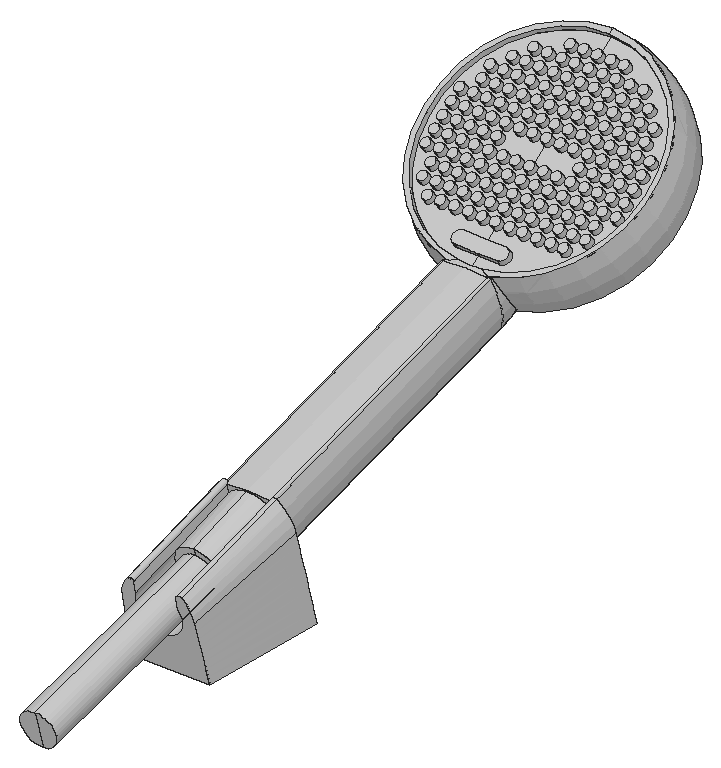
Revit family "Sanitary_Showers_hansgrohe_28054XXX-Activera-Select-S-Shower-holder-set-95_2jet_EcoSmart_shower-hose-160", category Plumbing Fixtures, host Face, Revit 2022
Family settings
  Host = Face
  Round Connector Dimension = Use Diameter
  Part Type = Normal
  OmniClass Number = 23.31.17.00
  OmniClass Title = Showers
  Cut with Voids When Loaded = Yes
  Maintain Annotation Orientation = No
  Shared = No
  Room Calculation Point = No
Parameters (values of type "000 Chrome")
  Version = 1  # constant formula
  URL = "https://www.hansgrohe.com/"
  Product data url = "https://www.bimobject.com/en/hansgrohe/product/28054XXX"
  Product Page URL = "https://www.hansgrohe.com/articledetail--28054000"
  Model = "28054XXX"  # constant formula
  Material 1 = Hansgrohe - Metal - 000 Chrome
  Manufacturer = "Hansgrohe"  # constant formula
  Description = "Activera Select S Shower holder set 95 2jet EcoSmart with shower hose 160 cm"  # constant formula
  Default Elevation = 0 mm
  Date Updated = ""
  Date Created = "2025/02/21"  # constant formula
Types (3, lengths in mm): name | Material 1
  (no name) | Hansgrohe - Metal - 000 Chrome
  000 Chrome | Hansgrohe - Metal - 000 Chrome
  670 Matt Black | Hansgrohe - Metal - 670 Matte Black
Reference planes
  plane 1 "Center (Front/Back)": y = 0
  plane 2: z = 0
  plane 3 "Center (Left/Right)": x = 0
Forms (mm)
  Blend 1, solid, material "Hansgrohe - Metal - 000 Chrome" <- "Material 1", detail levels fine
    base sketch origin (0, -29.849, 13.242) x (0, 0.241922, -0.970296) y (-1, 0, 0)
      loop
        line (13.647, -16.253) -> (13.647, 16.253) -> (-12.368, 15.194)
        arc (-12.368, 15.194) -> (-17.383, 14.085) -> (-21.703, 11.307) r 14.587
        arc (-21.703, 11.307) -> (-22.063, 9.727) -> (-20.724, 8.814) r 1.439
        line (-20.724, 8.814) -> (-15.955, 8.814)
        arc (-15.955, 8.814) -> (-1.871, 0) -> (-15.955, -8.814) r 9.8
        line (-15.955, -8.814) -> (-20.724, -8.814)
        arc (-20.724, -8.814) -> (-22.063, -9.727) -> (-21.703, -11.307) r 1.439
        arc (-21.703, -11.307) -> (-17.383, -14.085) -> (-12.368, -15.194) r 14.587
        line (-12.368, -15.194) -> (13.647, -16.253)
    top sketch origin (0, -29.849, 13.242) x (0, 0.241922, -0.970296) y (-1, 0, 0)
      loop
        line (-23.359, 9.044) -> (-18.503, 9.044)
        arc (-18.503, 9.044) -> (-4.93, 0) -> (-18.503, -9.044) r 9.8
        line (-18.503, -9.044) -> (-23.359, -9.044)
        arc (-23.359, -9.044) -> (-24.645, -9.891) -> (-24.376, -11.406) r 1.4
        arc (-24.376, -11.406) -> (-18.695, -15.44) -> (-11.904, -16.995) r 17.878
        line (-11.904, -16.995) -> (26.59, -18.113) -> (26.59, 18.113) -> (-11.904, 16.995)
        arc (-11.904, 16.995) -> (-18.695, 15.44) -> (-24.376, 11.406) r 17.878
        arc (-24.376, 11.406) -> (-24.645, 9.891) -> (-23.359, 9.044) r 1.4
    from 0 to 51.91
  Revolve 2, solid, material "Hansgrohe - Metal - 000 Chrome" <- "Material 1", detail levels fine
    sketch origin (0, 0, 0) x (0, 1, 0) y (0, 0, 1)
      loop
        line (-95.68, 7.934) -> (16.753, 38.061) -> (13.743, 49.296) -> (-14.828, 40.013) -> (-14.178, 37.589) -> (-97.634, 15.227) -> (-95.68, 7.934)
      axis (16.753, 38.061) -> (-95.68, 7.934)
    angle from 0 to 360
  Sweep 3, solid, material "Hansgrohe - Metal - 000 Chrome" <- "Material 1", detail levels fine
    path origin (0, 0, 0) x (0, 1, 0) y (0, 0, 1)
      loop
        line (16.771, 37.994) -> (130.749, 71.54)
        arc (130.749, 71.54) -> (134.829, 73.141) -> (138.567, 75.431) r 25
    profile origin (0, 16.771, 37.994) x (0, -0.282341, 0.959314) y (1, 0, 0)
      loop
        arc (10.586, -10.12) -> (11.012, -9.82) -> (11.229, -9.347) r 1
        arc (11.229, -9.347) -> (12.014, 0) -> (11.229, 9.347) r 56.037
        arc (11.229, 9.347) -> (11.012, 9.82) -> (10.586, 10.12) r 1
        arc (10.586, 10.12) -> (0, 11.994) -> (-10.586, 10.12) r 30.835
        arc (-10.586, 10.12) -> (-11.012, 9.82) -> (-11.229, 9.347) r 1
        arc (-11.229, 9.347) -> (-12.014, 0) -> (-11.229, -9.347) r 56.037
        arc (-11.229, -9.347) -> (-11.012, -9.82) -> (-10.586, -10.12) r 1
        arc (-10.586, -10.12) -> (0, -11.994) -> (10.586, -10.12) r 30.835
  Revolve 4, solid, material "Hansgrohe - Metal - 000 Chrome" <- "Material 1", detail levels fine
    sketch origin (0, 0, 0) x (0, 1, 0) y (0, 0, 1)
      loop
        arc (218.266, 119.458) -> (212.668, 130.299) -> (204.087, 138.974) r 40.382
        line (204.087, 138.974) -> (202.453, 137.763) -> (203.859, 135.865) -> (167.081, 108.75) -> (180.835, 90.188)
        arc (180.835, 90.188) -> (199.798, 104.506) -> (218.266, 119.458) r 702.416
      axis (165.741, 110.559) -> (180.835, 90.188)
    angle from 0 to 360
  Revolve 5, void
    sketch origin (0, 0, 0) x (0, 1, 0) y (0, 0, 1)
      loop
        line (169.372, 105.658) -> (206.15, 132.773) -> (200.414, 140.514) -> (163.702, 113.31) -> (169.372, 105.658)
      axis (163.702, 113.31) -> (169.438, 105.569)
    angle from 0 to 360
  Extrusion 6, solid, material "Hansgrohe - Metal - 000 Chrome" <- "Material 1", detail levels fine
    sketch origin (0, 167.147, 108.661) x (0, 0.803459, 0.59536) y (-1, 0, 0)
      loop
        circle (-1.101, 39.597) r 2
      loop
        circle (-1.101, 33.958) r 2
      loop
        circle (-1.101, 28.283) r 2
      loop
        circle (-1.101, 22.759) r 2
      loop
        circle (-1.101, 17.011) r 2
      loop
        circle (4.399, 39.597) r 2
      loop
        circle (4.399, 33.958) r 2
      loop
        circle (4.399, 28.283) r 2
      loop
        circle (4.399, 22.759) r 2
      loop
        circle (4.399, 17.011) r 2
      loop
        circle (4.399, 11.097) r 2
      loop
        circle (4.399, 5.573) r 2
      loop
        circle (4.399, -0.175) r 2
      loop
        circle (9.899, 39.597) r 2
      loop
        circle (9.899, 33.958) r 2
      loop
        circle (9.899, 28.283) r 2
      loop
        circle (9.899, 22.759) r 2
      loop
        circle (9.899, 17.011) r 2
      loop
        circle (9.899, 11.097) r 2
      loop
        circle (9.899, 5.573) r 2
      loop
        circle (9.899, -0.175) r 2
      loop
        circle (15.399, 33.958) r 2
      loop
        circle (15.399, 28.283) r 2
      loop
        circle (15.399, 22.759) r 2
      loop
        circle (15.399, 17.011) r 2
      loop
        circle (15.399, 11.097) r 2
      loop
        circle (15.399, 5.573) r 2
      loop
        circle (15.399, -0.175) r 2
      loop
        circle (20.899, 33.958) r 2
      loop
        circle (20.899, 28.283) r 2
      loop
        circle (20.899, 22.759) r 2
      loop
        circle (20.899, 17.011) r 2
      loop
        circle (20.899, 11.097) r 2
      loop
        circle (20.899, 5.573) r 2
      loop
        circle (20.899, -0.175) r 2
      loop
        circle (26.399, 28.283) r 2
      loop
        circle (26.399, 22.759) r 2
      loop
        circle (26.399, 17.011) r 2
      loop
        circle (26.399, 11.097) r 2
      loop
        circle (26.399, 5.573) r 2
      loop
        circle (26.399, -0.175) r 2
      loop
        circle (31.899, 22.759) r 2
      loop
        circle (31.899, 17.011) r 2
      loop
        circle (31.899, 11.097) r 2
      loop
        circle (31.899, 5.573) r 2
      loop
        circle (31.899, -0.175) r 2
      loop
        circle (37.399, 11.097) r 2
      loop
        circle (37.399, 5.573) r 2
      loop
        circle (37.399, -0.175) r 2
      loop
        circle (-1.101, -39.947) r 2
      loop
        circle (-1.101, -34.307) r 2
      loop
        circle (-1.101, -28.633) r 2
      loop
        circle (-1.101, -23.108) r 2
      loop
        circle (-1.101, -17.361) r 2
      loop
        circle (4.399, -39.947) r 2
      loop
        circle (4.399, -34.307) r 2
      loop
        circle (4.399, -28.633) r 2
      loop
        circle (4.399, -23.108) r 2
      loop
        circle (4.399, -17.361) r 2
      loop
        circle (4.399, -11.447) r 2
      loop
        circle (4.399, -5.922) r 2
      loop
        circle (9.899, -39.947) r 2
      loop
        circle (9.899, -34.307) r 2
      loop
        circle (9.899, -28.633) r 2
      loop
        circle (9.899, -23.108) r 2
      loop
        circle (9.899, -17.361) r 2
      loop
        circle (9.899, -11.447) r 2
      loop
        circle (9.899, -5.922) r 2
      loop
        circle (15.399, -34.307) r 2
      loop
        circle (15.399, -28.633) r 2
      loop
        circle (15.399, -23.108) r 2
      loop
        circle (15.399, -17.361) r 2
      loop
        circle (15.399, -11.447) r 2
      loop
        circle (15.399, -5.922) r 2
      loop
        circle (20.899, -34.307) r 2
      loop
        circle (20.899, -28.633) r 2
      loop
        circle (20.899, -23.108) r 2
      loop
        circle (20.899, -17.361) r 2
      loop
        circle (20.899, -11.447) r 2
      loop
        circle (20.899, -5.922) r 2
      loop
        circle (26.399, -28.633) r 2
      loop
        circle (26.399, -23.108) r 2
      loop
        circle (26.399, -17.361) r 2
      loop
        circle (26.399, -11.447) r 2
      loop
        circle (26.399, -5.922) r 2
      loop
        circle (31.899, -23.108) r 2
      loop
        circle (31.899, -17.361) r 2
      loop
        circle (31.899, -11.447) r 2
      loop
        circle (31.899, -5.922) r 2
      loop
        circle (37.399, -11.447) r 2
      loop
        circle (37.399, -5.922) r 2
      loop
        circle (-6.601, 39.597) r 2
      loop
        circle (-6.601, 33.958) r 2
      loop
        circle (-6.601, 28.283) r 2
      loop
        circle (-6.601, 22.759) r 2
      loop
        circle (-6.601, 17.011) r 2
      loop
        circle (-6.601, 11.097) r 2
      loop
        circle (-6.601, 5.573) r 2
      loop
        circle (-6.601, -0.175) r 2
      loop
        circle (-12.101, 39.597) r 2
      loop
        circle (-12.101, 33.958) r 2
      loop
        circle (-12.101, 28.283) r 2
      loop
        circle (-12.101, 22.759) r 2
      loop
        circle (-12.101, 17.011) r 2
      loop
        circle (-12.101, 11.097) r 2
      loop
        circle (-12.101, 5.573) r 2
      loop
        circle (-12.101, -0.175) r 2
      loop
        circle (-17.601, 33.958) r 2
      loop
        circle (-17.601, 28.283) r 2
      loop
        circle (-17.601, 22.759) r 2
      loop
        circle (-17.601, 17.011) r 2
      loop
        circle (-17.601, 11.097) r 2
      loop
        circle (-17.601, 5.573) r 2
      loop
        circle (-17.601, -0.175) r 2
      loop
        circle (-23.101, 33.958) r 2
      loop
        circle (-23.101, 28.283) r 2
      loop
        circle (-23.101, 22.759) r 2
      loop
        circle (-23.101, 17.011) r 2
      loop
        circle (-23.101, 11.097) r 2
      loop
        circle (-23.101, 5.573) r 2
      loop
        circle (-23.101, -0.175) r 2
      loop
        circle (-28.601, 28.283) r 2
      loop
        circle (-28.601, 22.759) r 2
      loop
        circle (-28.601, 17.011) r 2
      loop
        circle (-28.601, 11.097) r 2
      loop
        circle (-28.601, 5.573) r 2
      loop
        circle (-28.601, -0.175) r 2
      loop
        circle (-6.601, -39.947) r 2
      loop
        circle (-6.601, -34.307) r 2
      loop
        circle (-6.601, -28.633) r 2
      loop
        circle (-6.601, -23.108) r 2
      loop
        circle (-6.601, -17.361) r 2
      loop
        circle (-6.601, -11.447) r 2
      loop
        circle (-6.601, -5.922) r 2
      loop
        circle (-12.101, -39.947) r 2
      loop
        circle (-12.101, -34.307) r 2
      loop
        circle (-12.101, -28.633) r 2
      loop
        circle (-12.101, -23.108) r 2
      loop
        circle (-12.101, -17.361) r 2
      loop
        circle (-12.101, -11.447) r 2
      loop
        circle (-12.101, -5.922) r 2
      loop
        circle (-17.601, -34.307) r 2
      loop
        circle (-17.601, -28.633) r 2
      loop
        circle (-17.601, -23.108) r 2
      loop
        circle (-17.601, -17.361) r 2
      loop
        circle (-17.601, -11.447) r 2
      loop
        circle (-17.601, -5.922) r 2
      loop
        circle (-23.101, -34.307) r 2
      loop
        circle (-23.101, -28.633) r 2
      loop
        circle (-23.101, -23.108) r 2
      loop
        circle (-23.101, -17.361) r 2
      loop
        circle (-23.101, -11.447) r 2
      loop
        circle (-23.101, -5.922) r 2
      loop
        circle (-28.601, -28.633) r 2
      loop
        circle (-28.601, -23.108) r 2
      loop
        circle (-28.601, -17.361) r 2
      loop
        circle (-28.601, -11.447) r 2
      loop
        circle (-28.601, -5.922) r 2
      loop
        arc (-35.319, 8.9) -> (-38.089, 11.669) -> (-40.858, 8.9) r 2.769
        line (-40.858, 8.9) -> (-40.858, 0) -> (-40.858, -8.9)
        arc (-40.858, -8.9) -> (-38.089, -11.669) -> (-35.319, -8.9) r 2.769
        line (-35.319, -8.9) -> (-35.319, 0) -> (-35.319, 8.9)
    from 0 to 2.362
  Blend 7, solid, material "Hansgrohe - Metal - 000 Chrome" <- "Material 1", detail levels coarse+medium
    base sketch origin (0, -29.849, 13.242) x (0, 0.241922, -0.970296) y (-1, 0, 0)
      loop
        line (13.647, -16.253) -> (13.647, 16.253) -> (-12.368, 15.194)
        arc (-12.368, 15.194) -> (-17.677, 13.959) -> (-22.162, 10.861) r 14.587
        line (-22.162, 10.861) -> (-22.162, -10.861)
        arc (-22.162, -10.861) -> (-17.677, -13.959) -> (-12.368, -15.194) r 14.587
        line (-12.368, -15.194) -> (13.647, -16.253)
    top sketch origin (0, -29.849, 13.242) x (0, 0.241922, -0.970296) y (-1, 0, 0)
      loop
        line (26.59, -18.113) -> (26.59, 18.113) -> (-11.904, 16.995)
        arc (-11.904, 16.995) -> (-18.953, 15.322) -> (-24.759, 10.988) r 17.878
        line (-24.759, 10.988) -> (-24.759, -10.988)
        arc (-24.759, -10.988) -> (-18.953, -15.322) -> (-11.904, -16.995) r 17.878
        line (-11.904, -16.995) -> (26.59, -18.113)
    from 0 to 51.91
  Revolve 8, solid, material "Hansgrohe - Metal - 000 Chrome" <- "Material 1", detail levels coarse+medium
    sketch origin (0, 0, 0) x (0, 1, 0) y (0, 0, 1)
      loop
        line (-95.68, 7.934) -> (-32.731, 24.801) -> (-34.558, 32.128) -> (-97.634, 15.227) -> (-95.68, 7.934)
      axis (-32.604, 24.836) -> (-95.68, 7.934)
    angle from 0 to 360
  Sweep 9, solid, material "Hansgrohe - Metal - 000 Chrome" <- "Material 1", detail levels medium
    path origin (0, 0, 0) x (0, 1, 0) y (0, 0, 1)
      loop
        line (16.771, 37.994) -> (130.749, 71.54)
        arc (130.749, 71.54) -> (134.829, 73.141) -> (138.567, 75.431) r 25
    profile origin (0, 16.771, 37.994) x (0, -0.282341, 0.959314) y (1, 0, 0)
      loop
        arc (10.586, -10.12) -> (11.012, -9.82) -> (11.229, -9.347) r 1
        arc (11.229, -9.347) -> (12.014, 0) -> (11.229, 9.347) r 56.037
        arc (11.229, 9.347) -> (11.012, 9.82) -> (10.586, 10.12) r 1
        arc (10.586, 10.12) -> (0, 11.994) -> (-10.586, 10.12) r 30.835
        arc (-10.586, 10.12) -> (-11.012, 9.82) -> (-11.229, 9.347) r 1
        arc (-11.229, 9.347) -> (-12.014, 0) -> (-11.229, -9.347) r 56.037
        arc (-11.229, -9.347) -> (-11.012, -9.82) -> (-10.586, -10.12) r 1
        arc (-10.586, -10.12) -> (0, -11.994) -> (10.586, -10.12) r 30.835
  Revolve 10, solid, material "Hansgrohe - Metal - 000 Chrome" <- "Material 1", detail levels coarse+medium
    sketch origin (0, 0, 0) x (0, 1, 0) y (0, 0, 1)
      loop
        line (180.193, 91.055) -> (219.929, 120.5) -> (205.403, 140.104) -> (165.666, 110.66) -> (180.193, 91.055)
      axis (165.666, 110.66) -> (180.193, 91.055)
    angle from 0 to 360
  Sweep 11, solid, material "Hansgrohe - Metal - 000 Chrome" <- "Material 1", detail levels coarse
    path origin (0, 0, 0) x (0, 1, 0) y (0, 0, 1)
      loop
        line (16.771, 37.994) -> (135.049, 72.805) -> (143.084, 78.759)
    profile origin (0, 16.771, 37.994) x (0, -0.282341, 0.959314) y (1, 0, 0)
      loop
        line (12.014, 11.994) -> (-12.014, 11.994) -> (-12.014, -11.994) -> (12.014, -11.994) -> (12.014, 11.994)
Cuts and joins
  Revolve 5 cuts Sweep 3
  joined: Sweep 3, Revolve 4
Lines and regions (mm)
  Masking region 1
    outline origin (0, 0, 0) x (1, 0, 0) y (0, 0, 1)
      loop
        line (18.113, 0) -> (16.995, 37.35)
        spline (16.995, 37.35) -> (16.929, 38.415) -> (16.796, 39.474) -> (16.596, 40.523) -> (16.33, 41.559) -> (15.999, 42.576) -> (15.604, 43.572) -> (15.147, 44.542) -> (14.629, 45.483) -> (14.053, 46.392) -> (13.42, 47.264) -> (12.733, 48.097) -> (11.994, 48.888)
        line (11.994, 48.888) -> (11.994, 62.49)
        spline (11.994, 62.49) -> (17.211, 63.451) -> (22.219, 64.749) -> (26.955, 66.368) -> (31.363, 68.288) -> (35.388, 70.486) -> (38.982, 72.934) -> (42.1, 75.604) -> (44.705, 78.462) -> (46.765, 81.473) -> (48.254, 84.602) -> (49.155, 87.809) -> (49.457, 91.055)
        arc (49.457, 91.055) -> (50.537, 100.857) -> (49.457, 110.66) r 45
        spline (49.457, 110.66) -> (49.034, 114.503) -> (47.771, 118.28) -> (45.692, 121.927) -> (42.831, 125.382) -> (39.237, 128.584) -> (34.971, 131.48) -> (30.107, 134.019) -> (24.728, 136.159) -> (18.926, 137.863) -> (12.8, 139.101) -> (6.455, 139.852) -> (0, 140.104)
        spline (0, 140.104) -> (-6.455, 139.852) -> (-12.8, 139.101) -> (-18.926, 137.863) -> (-24.728, 136.159) -> (-30.107, 134.019) -> (-34.971, 131.48) -> (-39.237, 128.584) -> (-42.831, 125.382) -> (-45.692, 121.927) -> (-47.771, 118.28) -> (-49.034, 114.503) -> (-49.457, 110.66)
        arc (-49.457, 110.66) -> (-50.537, 100.857) -> (-49.457, 91.055) r 45
        spline (-49.457, 91.055) -> (-49.155, 87.809) -> (-48.254, 84.602) -> (-46.765, 81.473) -> (-44.705, 78.462) -> (-42.1, 75.604) -> (-38.982, 72.934) -> (-35.388, 70.486) -> (-31.363, 68.288) -> (-26.955, 66.368) -> (-22.219, 64.749) -> (-17.211, 63.451) -> (-11.994, 62.49)
        line (-11.994, 62.49) -> (-11.994, 48.888)
        spline (-11.994, 48.888) -> (-12.733, 48.097) -> (-13.42, 47.264) -> (-14.053, 46.392) -> (-14.629, 45.483) -> (-15.147, 44.542) -> (-15.604, 43.572) -> (-15.999, 42.576) -> (-16.33, 41.559) -> (-16.596, 40.523) -> (-16.796, 39.474) -> (-16.929, 38.415) -> (-16.995, 37.35)
        line (-16.995, 37.35) -> (-18.113, 0) -> (18.113, 0)
  Masking region 2
    outline origin (0, 0, 0) x (0, 1, 0) y (0, 0, 1)
      loop
        line (-97.634, 15.227) -> (-93.726, 0.641) -> (-30.904, 17.475) -> (-26.548, 0) -> (26.952, 0) -> (20.339, 26.521) -> (140.282, 61.822)
        arc (140.282, 61.822) -> (160.809, 75.648) -> (180.835, 90.188) r 702.416
        arc (180.835, 90.188) -> (199.798, 104.506) -> (218.266, 119.458) r 702.416
        arc (218.266, 119.458) -> (212.668, 130.299) -> (204.087, 138.974) r 40.382
        line (204.087, 138.974) -> (165.741, 110.559) -> (129.48, 83.69) -> (18.434, 51.007) -> (-35.211, 34.746) -> (-34.558, 32.128) -> (-97.634, 15.227)
  Masking region 3
    outline origin (0, 0, 0) x (1, 0, 0) y (0, 1, 0)
      loop
        arc (8.778, -34.862) -> (10.022, -35.203) -> (11.307, -35.099) r 3.721
        spline (11.307, -35.099) -> (11.874, -34.943) -> (12.401, -34.778) -> (12.888, -34.607) -> (13.332, -34.428) -> (13.731, -34.244) -> (14.085, -34.054) -> (14.393, -33.86) -> (14.652, -33.662) -> (14.862, -33.46) -> (15.023, -33.255) -> (15.134, -33.049) -> (15.194, -32.841)
        line (15.194, -32.841) -> (16.253, -26.548) -> (18.113, 26.952) -> (11.994, 26.952) -> (11.994, 127.116)
        spline (11.994, 127.116) -> (17.211, 128.414) -> (22.219, 130.166) -> (26.955, 132.35) -> (31.363, 134.942) -> (35.388, 137.907) -> (38.982, 141.212) -> (42.1, 144.814) -> (44.705, 148.671) -> (46.765, 152.735) -> (48.254, 156.957) -> (49.155, 161.285) -> (49.457, 165.666)
        arc (49.457, 165.666) -> (49.768, 172.93) -> (49.457, 180.193) r 85
        spline (49.457, 180.193) -> (49.034, 185.38) -> (47.771, 190.478) -> (45.692, 195.399) -> (42.831, 200.061) -> (39.237, 204.383) -> (34.971, 208.291) -> (30.107, 211.718) -> (24.728, 214.606) -> (18.926, 216.905) -> (12.8, 218.575) -> (6.455, 219.589) -> (0, 219.929)
        spline (0, 219.929) -> (-6.455, 219.589) -> (-12.8, 218.575) -> (-18.926, 216.905) -> (-24.728, 214.606) -> (-30.107, 211.718) -> (-34.971, 208.291) -> (-39.237, 204.383) -> (-42.831, 200.061) -> (-45.692, 195.399) -> (-47.771, 190.478) -> (-49.034, 185.38) -> (-49.457, 180.193)
        arc (-49.457, 180.193) -> (-49.768, 172.93) -> (-49.457, 165.666) r 85
        spline (-49.457, 165.666) -> (-49.155, 161.285) -> (-48.254, 156.957) -> (-46.765, 152.735) -> (-44.705, 148.671) -> (-42.1, 144.814) -> (-38.982, 141.212) -> (-35.388, 137.907) -> (-31.363, 134.942) -> (-26.955, 132.35) -> (-22.219, 130.166) -> (-17.211, 128.414) -> (-11.994, 127.116)
        line (-11.994, 127.116) -> (-11.994, 26.952) -> (-18.113, 26.952) -> (-16.253, -26.548) -> (-15.194, -32.841)
        spline (-15.194, -32.841) -> (-15.134, -33.049) -> (-15.023, -33.255) -> (-14.862, -33.46) -> (-14.652, -33.662) -> (-14.393, -33.86) -> (-14.085, -34.054) -> (-13.731, -34.244) -> (-13.332, -34.428) -> (-12.888, -34.607) -> (-12.401, -34.778) -> (-11.874, -34.943) -> (-11.307, -35.099)
        arc (-11.307, -35.099) -> (-10.022, -35.203) -> (-8.778, -34.863) r 3.722
        line (-8.778, -34.863) -> (-8.778, -31.618)
        spline (-8.778, -31.618) -> (-8.693, -31.578) -> (-8.604, -31.538) -> (-8.513, -31.498) -> (-8.418, -31.458) -> (-8.32, -31.42) -> (-8.219, -31.381) -> (-8.115, -31.343) -> (-8.007, -31.306) -> (-7.897, -31.269) -> (-7.784, -31.232) -> (-7.669, -31.196) -> (-7.55, -31.161)
        line (-7.55, -31.161) -> (-7.55, -95.68)
        spline (-7.55, -95.68) -> (-7.485, -95.935) -> (-7.293, -96.186) -> (-6.975, -96.428) -> (-6.538, -96.657) -> (-5.99, -96.87) -> (-5.339, -97.062) -> (-4.596, -97.231) -> (-3.775, -97.373) -> (-2.889, -97.486) -> (-1.954, -97.568) -> (-0.985, -97.618) -> (0, -97.634)
        spline (0, -97.634) -> (0.985, -97.618) -> (1.954, -97.568) -> (2.889, -97.486) -> (3.775, -97.373) -> (4.596, -97.231) -> (5.339, -97.062) -> (5.99, -96.87) -> (6.538, -96.657) -> (6.975, -96.428) -> (7.293, -96.186) -> (7.485, -95.935) -> (7.55, -95.68)
        line (7.55, -95.68) -> (7.55, -31.161)
        spline (7.55, -31.161) -> (7.669, -31.196) -> (7.784, -31.232) -> (7.897, -31.269) -> (8.007, -31.306) -> (8.115, -31.343) -> (8.219, -31.381) -> (8.32, -31.42) -> (8.418, -31.458) -> (8.513, -31.498) -> (8.604, -31.538) -> (8.693, -31.578) -> (8.778, -31.618)
        line (8.778, -31.618) -> (8.778, -34.862)
  symbolic lines, detail levels fine
    curve 1: spline (0, 0, 120.5) -> (6.455, 0, 120.248) -> (12.8, 0, 119.496) -> (18.926, 0, 118.258) -> (24.728, 0, 116.555) -> (30.107, 0, 114.415) -> (34.971, 0, 111.876) -> (39.237, 0, 108.98) -> (42.831, 0, 105.777) -> (45.692, 0, 102.323) -> (47.771, 0, 98.676) -> (49.034, 0, 94.898) -> (49.457, 0, 91.055)
    curve 2: spline (-49.457, 0, 91.055) -> (-49.034, 0, 94.898) -> (-47.771, 0, 98.676) -> (-45.692, 0, 102.323) -> (-42.831, 0, 105.777) -> (-39.237, 0, 108.98) -> (-34.971, 0, 111.876) -> (-30.107, 0, 114.415) -> (-24.728, 0, 116.555) -> (-18.926, 0, 118.258) -> (-12.8, 0, 119.496) -> (-6.455, 0, 120.248) -> (0, 0, 120.5)
    curve 15: spline (0, 205.403, 0) -> (-6.455, 205.063, 0) -> (-12.8, 204.049, 0) -> (-18.926, 202.378, 0) -> (-24.728, 200.079, 0) -> (-30.107, 197.191, 0) -> (-34.971, 193.764, 0) -> (-39.237, 189.856, 0) -> (-42.831, 185.534, 0) -> (-45.692, 180.873, 0) -> (-47.771, 175.951, 0) -> (-49.034, 170.853, 0) -> (-49.457, 165.666, 0)
    curve 22: spline (0, -10.27, 0) -> (-0.985, -10.287, 0) -> (-1.954, -10.337, 0) -> (-2.889, -10.419, 0) -> (-3.775, -10.532, 0) -> (-4.596, -10.674, 0) -> (-5.339, -10.843, 0) -> (-5.99, -11.035, 0) -> (-6.538, -11.247, 0) -> (-6.975, -11.476, 0) -> (-7.293, -11.719, 0) -> (-7.485, -11.969, 0) -> (-7.55, -12.224, 0)
    curve 23: spline (-8.778, -13.496, 0) -> (-8.69, -13.536, 0) -> (-8.599, -13.575, 0) -> (-8.506, -13.614, 0) -> (-8.41, -13.653, 0) -> (-8.311, -13.691, 0) -> (-8.21, -13.729, 0) -> (-8.106, -13.766, 0) -> (-8, -13.803, 0) -> (-7.891, -13.839, 0) -> (-7.78, -13.875, 0) -> (-7.666, -13.91, 0) -> (-7.55, -13.945, 0)
    curve 24: spline (0, 205.403, 0) -> (6.455, 205.063, 0) -> (12.8, 204.049, 0) -> (18.926, 202.378, 0) -> (24.728, 200.079, 0) -> (30.107, 197.191, 0) -> (34.971, 193.764, 0) -> (39.237, 189.856, 0) -> (42.831, 185.534, 0) -> (45.692, 180.873, 0) -> (47.771, 175.951, 0) -> (49.034, 170.853, 0) -> (49.457, 165.666, 0)
    curve 31: spline (0, -10.27, 0) -> (0.985, -10.287, 0) -> (1.954, -10.337, 0) -> (2.889, -10.419, 0) -> (3.775, -10.532, 0) -> (4.596, -10.674, 0) -> (5.339, -10.843, 0) -> (5.99, -11.035, 0) -> (6.538, -11.247, 0) -> (6.975, -11.476, 0) -> (7.293, -11.719, 0) -> (7.485, -11.969, 0) -> (7.55, -12.224, 0)
    curve 32: spline (8.778, -13.496, 0) -> (8.69, -13.536, 0) -> (8.599, -13.575, 0) -> (8.506, -13.614, 0) -> (8.41, -13.653, 0) -> (8.311, -13.691, 0) -> (8.21, -13.729, 0) -> (8.106, -13.766, 0) -> (8, -13.803, 0) -> (7.891, -13.839, 0) -> (7.78, -13.875, 0) -> (7.666, -13.91, 0) -> (7.55, -13.945, 0)
    curve 37: line (7.55, -31.161, 0) -> (7.55, -12.224, 0)
    curve 38: line (-7.55, -31.161, 0) -> (-7.55, -12.224, 0)
  symbolic lines, detail levels medium+fine
    curve 3: spline (11.994, 0, 62.49) -> (10.026, 0, 62.222) -> (8.041, 0, 62.002) -> (6.042, 0, 61.831) -> (4.034, 0, 61.709) -> (2.019, 0, 61.635) -> (0, 0, 61.611) -> (-2.019, 0, 61.635) -> (-4.034, 0, 61.709) -> (-6.042, 0, 61.831) -> (-8.041, 0, 62.002) -> (-10.026, 0, 62.222) -> (-11.994, 0, 62.49)
    curve 4: spline (-9.347, 0, 27.222) -> (-7.801, 0, 26.993) -> (-6.248, 0, 26.804) -> (-4.69, 0, 26.658) -> (-3.129, 0, 26.553) -> (-1.565, 0, 26.49) -> (0, 0, 26.469) -> (1.565, 0, 26.49) -> (3.129, 0, 26.553) -> (4.69, 0, 26.658) -> (6.248, 0, 26.804) -> (7.801, 0, 26.993) -> (9.347, 0, 27.222)
    curve 5: spline (9.347, 0, 27.222) -> (9.433, 0, 27.24) -> (9.517, 0, 27.265) -> (9.598, 0, 27.297) -> (9.676, 0, 27.335) -> (9.75, 0, 27.38) -> (9.82, 0, 27.431) -> (9.885, 0, 27.487) -> (9.945, 0, 27.549) -> (9.998, 0, 27.616) -> (10.045, 0, 27.687) -> (10.086, 0, 27.761) -> (10.12, 0, 27.839)
    curve 6: spline (10.12, 0, 27.839) -> (10.411, 0, 28.64) -> (10.679, 0, 29.448) -> (10.922, 0, 30.264) -> (11.141, 0, 31.085) -> (11.335, 0, 31.913) -> (11.505, 0, 32.745) -> (11.649, 0, 33.582) -> (11.768, 0, 34.423) -> (11.863, 0, 35.266) -> (11.931, 0, 36.112) -> (11.975, 0, 36.959) -> (11.993, 0, 37.807)
    curve 7: spline (-10.12, 0, 27.839) -> (-10.086, 0, 27.761) -> (-10.045, 0, 27.687) -> (-9.998, 0, 27.616) -> (-9.945, 0, 27.549) -> (-9.885, 0, 27.487) -> (-9.82, 0, 27.431) -> (-9.75, 0, 27.38) -> (-9.676, 0, 27.335) -> (-9.598, 0, 27.297) -> (-9.517, 0, 27.265) -> (-9.433, 0, 27.24) -> (-9.347, 0, 27.222)
    curve 8: spline (-11.994, 0, 37.994) -> (-11.981, 0, 37.131) -> (-11.941, 0, 36.268) -> (-11.876, 0, 35.406) -> (-11.784, 0, 34.547) -> (-11.666, 0, 33.69) -> (-11.522, 0, 32.838) -> (-11.352, 0, 31.989) -> (-11.156, 0, 31.146) -> (-10.935, 0, 30.309) -> (-10.688, 0, 29.478) -> (-10.417, 0, 28.654) -> (-10.12, 0, 27.839)
    curve 9: line (11.993, 0, 48.887) -> (11.993, 0, 37.807)
    curve 10: line (-11.994, 0, 48.888) -> (-11.994, 0, 37.994)
    curve 11: arc (0, 141.938, 62.899) -> (0, 133.195, 71.41) -> (0, 127.394, 82.145) r 40.382
    curve 12: line (0, 127.394, 82.145) -> (0, 129.48, 83.69)
    curve 13: line (0, 20.339, 26.521) -> (0, 14.529, 49.824)
    curve 14: line (0, -34.558, 32.128) -> (0, -30.904, 17.475)
    curve 16: line (-18.113, 26.952, 0) -> (-16.995, 17.639, 0)
    curve 17: spline (-16.995, 17.639, 0) -> (-16.918, 17.345, 0) -> (-16.758, 17.052, 0) -> (-16.516, 16.763, 0) -> (-16.193, 16.478, 0) -> (-15.79, 16.199, 0) -> (-15.31, 15.928, 0) -> (-14.754, 15.665, 0) -> (-14.125, 15.412, 0) -> (-13.426, 15.17, 0) -> (-12.661, 14.94, 0) -> (-11.833, 14.723, 0) -> (-10.945, 14.52, 0)
    curve 18: spline (0, 13.379, 0) -> (-0.783, 13.381, 0) -> (-1.565, 13.385, 0) -> (-2.347, 13.393, 0) -> (-3.129, 13.404, 0) -> (-3.91, 13.418, 0) -> (-4.69, 13.435, 0) -> (-5.47, 13.455, 0) -> (-6.248, 13.478, 0) -> (-7.025, 13.504, 0) -> (-7.801, 13.533, 0) -> (-8.575, 13.566, 0) -> (-9.347, 13.601, 0)
    curve 19: spline (-9.347, 13.601, 0) -> (-9.433, 13.606, 0) -> (-9.517, 13.613, 0) -> (-9.598, 13.623, 0) -> (-9.676, 13.634, 0) -> (-9.75, 13.647, 0) -> (-9.82, 13.662, 0) -> (-9.885, 13.679, 0) -> (-9.945, 13.697, 0) -> (-9.998, 13.717, 0) -> (-10.045, 13.738, 0) -> (-10.086, 13.76, 0) -> (-10.12, 13.782, 0)
    curve 20: spline (-10.12, 13.782, 0) -> (-10.417, 14.022, 0) -> (-10.688, 14.265, 0) -> (-10.935, 14.509, 0) -> (-11.156, 14.756, 0) -> (-11.352, 15.004, 0) -> (-11.522, 15.254, 0) -> (-11.666, 15.505, 0) -> (-11.784, 15.757, 0) -> (-11.876, 16.01, 0) -> (-11.941, 16.263, 0) -> (-11.981, 16.517, 0) -> (-11.994, 16.771, 0)
    curve 21: line (-11.994, 16.771, 0) -> (-11.994, 26.952, 0)
    curve 25: line (18.113, 26.952, 0) -> (16.995, 17.639, 0)
    curve 26: spline (16.995, 17.639, 0) -> (16.918, 17.345, 0) -> (16.758, 17.052, 0) -> (16.516, 16.763, 0) -> (16.193, 16.478, 0) -> (15.79, 16.199, 0) -> (15.31, 15.928, 0) -> (14.754, 15.665, 0) -> (14.125, 15.412, 0) -> (13.426, 15.17, 0) -> (12.661, 14.94, 0) -> (11.833, 14.723, 0) -> (10.945, 14.52, 0)
    curve 27: spline (0, 13.379, 0) -> (0.783, 13.381, 0) -> (1.565, 13.385, 0) -> (2.347, 13.393, 0) -> (3.129, 13.404, 0) -> (3.91, 13.418, 0) -> (4.69, 13.435, 0) -> (5.47, 13.455, 0) -> (6.248, 13.478, 0) -> (7.025, 13.504, 0) -> (7.801, 13.533, 0) -> (8.575, 13.566, 0) -> (9.347, 13.601, 0)
    curve 28: spline (9.347, 13.601, 0) -> (9.433, 13.606, 0) -> (9.517, 13.613, 0) -> (9.598, 13.623, 0) -> (9.676, 13.634, 0) -> (9.75, 13.647, 0) -> (9.82, 13.662, 0) -> (9.885, 13.679, 0) -> (9.945, 13.697, 0) -> (9.998, 13.717, 0) -> (10.045, 13.738, 0) -> (10.086, 13.76, 0) -> (10.12, 13.782, 0)
    curve 29: spline (10.12, 13.782, 0) -> (10.417, 14.022, 0) -> (10.688, 14.265, 0) -> (10.935, 14.509, 0) -> (11.156, 14.756, 0) -> (11.352, 15.004, 0) -> (11.522, 15.254, 0) -> (11.666, 15.505, 0) -> (11.784, 15.757, 0) -> (11.876, 16.01, 0) -> (11.941, 16.263, 0) -> (11.981, 16.517, 0) -> (11.994, 16.771, 0)
    curve 30: line (11.994, 16.771, 0) -> (11.994, 26.952, 0)
    curve 33: spline (-11.994, 127.116, 0) -> (-11.012, 126.927, 0) -> (-10.026, 126.755, 0) -> (-9.035, 126.599, 0) -> (-8.041, 126.459, 0) -> (-7.043, 126.335, 0) -> (-6.042, 126.228, 0) -> (-5.039, 126.137, 0) -> (-4.034, 126.062, 0) -> (-3.027, 126.004, 0) -> (-2.019, 125.963, 0) -> (-1.009, 125.938, 0) -> (0, 125.93, 0)
    curve 34: spline (11.994, 127.116, 0) -> (11.012, 126.927, 0) -> (10.026, 126.755, 0) -> (9.035, 126.599, 0) -> (8.041, 126.459, 0) -> (7.043, 126.335, 0) -> (6.042, 126.228, 0) -> (5.039, 126.137, 0) -> (4.034, 126.062, 0) -> (3.027, 126.004, 0) -> (2.019, 125.963, 0) -> (1.009, 125.938, 0) -> (0, 125.93, 0)
    curve 35: line (-8.778, -31.618, 0) -> (-8.778, 13.575, 0)
    curve 36: line (8.778, -31.618, 0) -> (8.778, 13.575, 0)
Dimensions and locks
  aligned and locked: plane 2 to host face
  aligned and locked: level to host face
